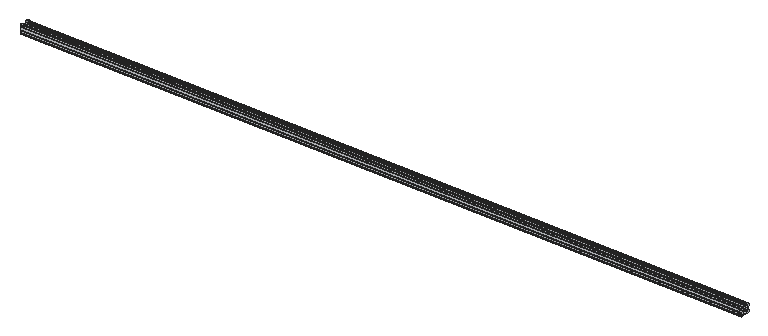
Revit family "Montageschiene 35- 35-1,0 fbv 3m Langloch 2D", category HLS-Bauteile, Revit 2023
Family settings
  Bemaßung runder Anschluss = Durchmesser verwenden
  Teiletyp = Normal
  Arbeitsebenenbasiert = Ja
  Immer vertikal = Nein
  Beim Laden mit Abzugskörper schneiden = Nein
  Beschriftungsausrichtung beibehalten = Nein
  Gemeinsam genutzt = Ja
  Raumberechnungspunkt = Nein
Parameters (values of type "Stex 35- 35-1,0 fbv L=3000")
  vpe = "36"
  Widerstandsmoment Wz = "1.26 cm³"
  Widerstandsmoment Wy = "1.04 cm³"
  Default Elevation = 1219.2 mm
  Trägheitsradius iz = "1.46 cm"
  Trägheitsradius iy = "1.34 cm"
  Torsionswiderstandsmoment Wt = " cm³"
  Stärke = 1 mm
  Streckgrenze = "250 N/mm²"
  Schwerpunktabstand ez = "1.75 cm"
  Schwerpunktabstand eu = "1.78 cm"
  Schwerpunktabstand eo = "1.72 cm"
  Schlitzbreite = "21 mm"
  Regelhalter [instance] = ""
  Profiltyp = "35/35"
  Profil = "C-Profil"
  Oberflaeche = "feuerbandverzinkt"
  Montagelänge [instance] = 3000 mm
  Mengeneinheit = "m"
  Materialname = "S250"
  Material = "Stahl"
  Länge = 3000 mm
  Lochdurchmesser 2 = 10.5 mm
  Lochdurchmesser 1 = 8.5 mm
  Lochdurchmesser = "8.5 mm"
  Langloch = "8.5 x 15.0 mm"
  Kurztext2 = "35 / 35 / 1 mm L= 3 m fbv"
  Kurztext1 = "Montageschiene C-Profil Stex "
  Höhe = "35 mm"
  Gewicht pro Stück [instance] = (Gewicht * Montagelänge / (1000 mm * 1000 mm)) * 1000 mm  # 3.09 kg
  Gewicht pro Bauteil [instance] = Gewicht pro Stück  # 3.09 kg
  Gewicht = 1.03 kg
  Gesamtlänge [instance] = Montagelänge  # 3000 mm
  Gesamtgewicht [instance] = Gewicht pro Bauteil  # 3.09 kg
  Fläche (schwächster Profilquerschnitt) = 0.000103 m²
  Firma = "MEFA Befestigungs- und Montagesysteme GmbH"
  Fabrikat = "MEFA"
  Erweiterung Langloch = " mm"
  EAN = "4250928424440"
  Bund = "378 m"
  Breite = 35 mm
  Artikelnummer = "1273539"
  Anzahl Langloch [instance] = Montagelänge / 75 mm  # 40
  Abmessung = "35/35/1.0 mm"
Reference planes
  plane 1 "Mitte (Vorne/hinten)": y = 0
  plane 2: z = 0
  plane 3 "Mitte (Links/rechts)": x = 0
  plane 4: x = 3000
Forms (mm)
  Extrusion 1, solid, detail levels fine
    sketch origin (0, 0, 0) x (0, 1, 0) y (0, 0, 1)
      loop
        arc (11.7, 35) -> (10.7, 34) -> (11.7, 33) r 1
        line (11.7, 33) -> (15.2, 33) -> (15.2, 34) -> (16.5, 34) -> (16.5, 25.6)
        arc (16.5, 25.6) -> (16.354, 25.246) -> (16, 25.1) r 0.5
        line (16, 25.1) -> (13.924, 25.1)
        arc (13.924, 25.1) -> (12.846, 24.654) -> (12.4, 23.576) r 1.524
        line (12.4, 23.576) -> (12.4, 11.376)
        arc (12.4, 11.376) -> (12.832, 10.332) -> (13.876, 9.9) r 1.476
        line (13.876, 9.9) -> (16, 9.9)
        arc (16, 9.9) -> (16.354, 9.754) -> (16.5, 9.4) r 0.5
        line (16.5, 9.4) -> (16.5, 1.5)
        arc (16.5, 1.5) -> (16.354, 1.146) -> (16, 1) r 0.5
        line (16, 1) -> (-16, 1)
        arc (-16, 1) -> (-16.354, 1.146) -> (-16.5, 1.5) r 0.5
        line (-16.5, 1.5) -> (-16.5, 9.4)
        arc (-16.5, 9.4) -> (-16.354, 9.754) -> (-16, 9.9) r 0.5
        line (-16, 9.9) -> (-13.876, 9.9)
        arc (-13.876, 9.9) -> (-12.832, 10.332) -> (-12.4, 11.376) r 1.476
        line (-12.4, 11.376) -> (-12.4, 23.576)
        arc (-12.4, 23.576) -> (-12.846, 24.654) -> (-13.924, 25.1) r 1.524
        line (-13.924, 25.1) -> (-16, 25.1)
        arc (-16, 25.1) -> (-16.354, 25.246) -> (-16.5, 25.6) r 0.5
        line (-16.5, 25.6) -> (-16.5, 34) -> (-15.2, 34) -> (-15.2, 33) -> (-11.7, 33)
        arc (-11.7, 33) -> (-10.7, 34) -> (-11.7, 35) r 1
        line (-11.7, 35) -> (-15.993, 35)
        arc (-15.993, 35) -> (-17.059, 34.559) -> (-17.5, 33.493) r 1.507
        line (-17.5, 33.493) -> (-17.5, 25.582)
        arc (-17.5, 25.582) -> (-17.066, 24.534) -> (-16.018, 24.1) r 1.482
        line (-16.018, 24.1) -> (-13.9, 24.1)
        arc (-13.9, 24.1) -> (-13.546, 23.954) -> (-13.4, 23.6) r 0.5
        line (-13.4, 23.6) -> (-13.4, 11.4)
        arc (-13.4, 11.4) -> (-13.546, 11.046) -> (-13.9, 10.9) r 0.5
        line (-13.9, 10.9) -> (-15.991, 10.9)
        arc (-15.991, 10.9) -> (-17.058, 10.458) -> (-17.5, 9.391) r 1.509
        line (-17.5, 9.391) -> (-17.5, 1.521)
        arc (-17.5, 1.521) -> (-17.055, 0.445) -> (-15.979, 0) r 1.521
        line (-15.979, 0) -> (15.979, 0)
        arc (15.979, 0) -> (17.055, 0.445) -> (17.5, 1.521) r 1.521
        line (17.5, 1.521) -> (17.5, 9.391)
        arc (17.5, 9.391) -> (17.058, 10.458) -> (15.991, 10.9) r 1.509
        line (15.991, 10.9) -> (13.9, 10.9)
        arc (13.9, 10.9) -> (13.546, 11.046) -> (13.4, 11.4) r 0.5
        line (13.4, 11.4) -> (13.4, 23.6)
        arc (13.4, 23.6) -> (13.546, 23.954) -> (13.9, 24.1) r 0.5
        line (13.9, 24.1) -> (16.018, 24.1)
        arc (16.018, 24.1) -> (17.066, 24.534) -> (17.5, 25.582) r 1.482
        line (17.5, 25.582) -> (17.5, 33.493)
        arc (17.5, 33.493) -> (17.059, 34.559) -> (15.993, 35) r 1.507
        line (15.993, 35) -> (11.7, 35)
    from 0 to 3000
  Extrusion 2, solid, detail levels medium
    sketch origin (0, 0, 0) x (0, 1, 0) y (0, 0, 1)
      loop
        line (10.7, 35) -> (10.7, 33) -> (16.5, 33) -> (16.5, 1) -> (-16.5, 1) -> (-16.5, 33) -> (-10.7, 33) -> (-10.7, 35) -> (-17.5, 35) -> (-17.5, 0) -> (17.5, 0) -> (17.5, 35) -> (10.7, 35)
    from 0 to 3000
  Extrusion 3, solid, detail levels coarse
    sketch origin (0, 0, 0) x (0, 1, 0) y (0, 0, 1)
      loop
        line (-17.5, 35) -> (-17.5, 0) -> (17.5, 0) -> (17.5, 35) -> (-17.5, 35)
    from 0 to 3000
Dimensions and locks
  "Montagelänge": plane 4 to plane 3 "Mitte (Links/rechts)"
  equal spacing: group 1, group 2, group 3, group 4, group 5, group 6, group 7, group 8, group 9, group 10, group 11, group 12, group 13, group 14, group 15, group 16, group 17, group 18, group 19, group 20, group 21, group 22, group 23, group 24, group 25, group 26, group 27, group 28, group 29, group 30, group 31, group 32, group 33, group 34, group 35, group 36, group 37, group 38, group 39, group 40  (x3)
  aligned and locked: level to plane 2
  aligned and locked: plane 4 to Extrusion 1
  aligned and locked: plane 4 to Extrusion 3
  aligned and locked: plane 4 to Extrusion 2
  aligned and locked: nested 1 to plane 1 "Mitte (Vorne/hinten)"
Automatic sketch dimensions
  Extrusion 1 sketch curve to level = 0 mm
  plane 1 "Mitte (Vorne/hinten)" to Extrusion 1 sketch curve = 17.5 mm  (x2)
  level to Extrusion 1 sketch curve = 1.521 mm  (x2)
  Extrusion 1 sketch curve to Extrusion 1 sketch curve = 1 mm  (x5)
  Extrusion 1 sketch curve to Extrusion 1 sketch curve = 0.482 mm
  Extrusion 1 sketch curve to Extrusion 1 sketch curve = 0.021 mm  (x2)
  Extrusion 1 sketch curve to Extrusion 1 sketch curve = 0.5 mm  (x3)
  Extrusion 1 sketch curve to Extrusion 1 sketch curve = 0.018 mm  (x2)
  Extrusion 1 sketch curve to Extrusion 1 sketch curve = 0.507 mm  (x4)
  Extrusion 1 sketch curve to Extrusion 1 sketch curve = 0.009 mm  (x4)
  Extrusion 1 sketch curve to Extrusion 1 sketch curve = 0.793 mm  (x2)
  Extrusion 1 sketch curve to Extrusion 1 sketch curve = 2.095 mm
  Extrusion 1 sketch curve to Extrusion 1 sketch curve = 2.091 mm
  Extrusion 1 sketch curve to Extrusion 1 sketch curve = 0.024 mm  (x6)
  Extrusion 1 sketch curve to Extrusion 1 sketch curve = 0.476 mm  (x2)
  Extrusion 1 sketch curve to Extrusion 1 sketch curve = 3.5 mm  (x2)
  Extrusion 1 sketch curve to plane 1 "Mitte (Vorne/hinten)" = 11.7 mm
  Extrusion 1 sketch curve to Extrusion 1 sketch curve = 0.7 mm
  Extrusion 1 sketch curve to Extrusion 1 sketch curve = 2.103 mm
  Extrusion 1 sketch curve to Extrusion 1 sketch curve = 1.509 mm
  Extrusion 1 sketch curve to Extrusion 1 sketch curve = 2.076 mm
  Extrusion 1 sketch curve to Extrusion 1 sketch curve = 0.521 mm
  Extrusion 1 sketch curve to Extrusion 1 sketch curve = 7.87 mm  (x2)
  Extrusion 1 sketch curve to Extrusion 1 sketch curve = 12.176 mm  (x2)
  Extrusion 1 sketch curve to Extrusion 1 sketch curve = 7.4 mm  (x2)
  Extrusion 1 sketch curve to Extrusion 1 sketch curve = 0.493 mm  (x2)
  Extrusion 1 sketch curve to Extrusion 1 sketch curve = 0 mm
  Extrusion 2 sketch curve to level = 0 mm
  Extrusion 2 sketch curve to plane 1 "Mitte (Vorne/hinten)" = 10.7 mm
  Extrusion 2 sketch curve to Extrusion 2 sketch curve = 5.8 mm
  Extrusion 2 sketch curve to Extrusion 2 sketch curve = 1 mm  (x3)
  Extrusion 2 sketch curve to Extrusion 2 sketch curve = 2 mm  (x2)
  Extrusion 2 sketch curve to Extrusion 2 sketch curve = 6.8 mm
  Extrusion 2 sketch curve to Extrusion 2 sketch curve = 32 mm
  Extrusion 2 sketch curve to Extrusion 2 sketch curve = 0 mm
  plane 1 "Mitte (Vorne/hinten)" to Extrusion 2 sketch curve = 16.5 mm
  Extrusion 3 sketch curve to level = 0 mm
  plane 1 "Mitte (Vorne/hinten)" to Extrusion 3 sketch curve = 17.5 mm
  Extrusion 3 sketch curve to plane 1 "Mitte (Vorne/hinten)" = 17.5 mm
  Extrusion 3 sketch curve to Extrusion 3 sketch curve = 35 mm
Nested families
  nested 1: "Lochung Stex 35 2D" at (37.5, 0, 0) x (1, 0, 0) z (0, 0, -1), type "Lochung Stex 35 2D", detail levels fine
  nested 2: "Lochung Stex 35 2D" at (112.5, 0, 0) x (1, 0, 0) z (0, 0, -1), type "Lochung Stex 35 2D", detail levels fine
  nested 3: "Lochung Stex 35 2D" at (187.5, 0, 0) x (1, 0, 0) z (0, 0, -1), type "Lochung Stex 35 2D", detail levels fine
  nested 4: "Lochung Stex 35 2D" at (262.5, 0, 0) x (1, 0, 0) z (0, 0, -1), type "Lochung Stex 35 2D", detail levels fine
  nested 5: "Lochung Stex 35 2D" at (337.5, 0, 0) x (1, 0, 0) z (0, 0, -1), type "Lochung Stex 35 2D", detail levels fine
  nested 6: "Lochung Stex 35 2D" at (412.5, 0, 0) x (1, 0, 0) z (0, 0, -1), type "Lochung Stex 35 2D", detail levels fine
  nested 7: "Lochung Stex 35 2D" at (487.5, 0, 0) x (1, 0, 0) z (0, 0, -1), type "Lochung Stex 35 2D", detail levels fine
  nested 8: "Lochung Stex 35 2D" at (562.5, 0, 0) x (1, 0, 0) z (0, 0, -1), type "Lochung Stex 35 2D", detail levels fine
  nested 9: "Lochung Stex 35 2D" at (637.5, 0, 0) x (1, 0, 0) z (0, 0, -1), type "Lochung Stex 35 2D", detail levels fine
  nested 10: "Lochung Stex 35 2D" at (712.5, 0, 0) x (1, 0, 0) z (0, 0, -1), type "Lochung Stex 35 2D", detail levels fine
  nested 11: "Lochung Stex 35 2D" at (787.5, 0, 0) x (1, 0, 0) z (0, 0, -1), type "Lochung Stex 35 2D", detail levels fine
  nested 12: "Lochung Stex 35 2D" at (862.5, 0, 0) x (1, 0, 0) z (0, 0, -1), type "Lochung Stex 35 2D", detail levels fine
  nested 13: "Lochung Stex 35 2D" at (937.5, 0, 0) x (1, 0, 0) z (0, 0, -1), type "Lochung Stex 35 2D", detail levels fine
  nested 14: "Lochung Stex 35 2D" at (1012.5, 0, 0) x (1, 0, 0) z (0, 0, -1), type "Lochung Stex 35 2D", detail levels fine
  nested 15: "Lochung Stex 35 2D" at (1087.5, 0, 0) x (1, 0, 0) z (0, 0, -1), type "Lochung Stex 35 2D", detail levels fine
  nested 16: "Lochung Stex 35 2D" at (1162.5, 0, 0) x (1, 0, 0) z (0, 0, -1), type "Lochung Stex 35 2D", detail levels fine
  nested 17: "Lochung Stex 35 2D" at (1237.5, 0, 0) x (1, 0, 0) z (0, 0, -1), type "Lochung Stex 35 2D", detail levels fine
  nested 18: "Lochung Stex 35 2D" at (1312.5, 0, 0) x (1, 0, 0) z (0, 0, -1), type "Lochung Stex 35 2D", detail levels fine
  nested 19: "Lochung Stex 35 2D" at (1387.5, 0, 0) x (1, 0, 0) z (0, 0, -1), type "Lochung Stex 35 2D", detail levels fine
  nested 20: "Lochung Stex 35 2D" at (1462.5, 0, 0) x (1, 0, 0) z (0, 0, -1), type "Lochung Stex 35 2D", detail levels fine
  nested 21: "Lochung Stex 35 2D" at (1537.5, 0, 0) x (1, 0, 0) z (0, 0, -1), type "Lochung Stex 35 2D", detail levels fine
  nested 22: "Lochung Stex 35 2D" at (1612.5, 0, 0) x (1, 0, 0) z (0, 0, -1), type "Lochung Stex 35 2D", detail levels fine
  nested 23: "Lochung Stex 35 2D" at (1687.5, 0, 0) x (1, 0, 0) z (0, 0, -1), type "Lochung Stex 35 2D", detail levels fine
  nested 24: "Lochung Stex 35 2D" at (1762.5, 0, 0) x (1, 0, 0) z (0, 0, -1), type "Lochung Stex 35 2D", detail levels fine
  nested 25: "Lochung Stex 35 2D" at (1837.5, 0, 0) x (1, 0, 0) z (0, 0, -1), type "Lochung Stex 35 2D", detail levels fine
  nested 26: "Lochung Stex 35 2D" at (1912.5, 0, 0) x (1, 0, 0) z (0, 0, -1), type "Lochung Stex 35 2D", detail levels fine
  nested 27: "Lochung Stex 35 2D" at (1987.5, 0, 0) x (1, 0, 0) z (0, 0, -1), type "Lochung Stex 35 2D", detail levels fine
  nested 28: "Lochung Stex 35 2D" at (2062.5, 0, 0) x (1, 0, 0) z (0, 0, -1), type "Lochung Stex 35 2D", detail levels fine
  nested 29: "Lochung Stex 35 2D" at (2137.5, 0, 0) x (1, 0, 0) z (0, 0, -1), type "Lochung Stex 35 2D", detail levels fine
  nested 30: "Lochung Stex 35 2D" at (2212.5, 0, 0) x (1, 0, 0) z (0, 0, -1), type "Lochung Stex 35 2D", detail levels fine
  nested 31: "Lochung Stex 35 2D" at (2287.5, 0, 0) x (1, 0, 0) z (0, 0, -1), type "Lochung Stex 35 2D", detail levels fine
  nested 32: "Lochung Stex 35 2D" at (2362.5, 0, 0) x (1, 0, 0) z (0, 0, -1), type "Lochung Stex 35 2D", detail levels fine
  nested 33: "Lochung Stex 35 2D" at (2437.5, 0, 0) x (1, 0, 0) z (0, 0, -1), type "Lochung Stex 35 2D", detail levels fine
  nested 34: "Lochung Stex 35 2D" at (2512.5, 0, 0) x (1, 0, 0) z (0, 0, -1), type "Lochung Stex 35 2D", detail levels fine
  nested 35: "Lochung Stex 35 2D" at (2587.5, 0, 0) x (1, 0, 0) z (0, 0, -1), type "Lochung Stex 35 2D", detail levels fine
  nested 36: "Lochung Stex 35 2D" at (2662.5, 0, 0) x (1, 0, 0) z (0, 0, -1), type "Lochung Stex 35 2D", detail levels fine
  nested 37: "Lochung Stex 35 2D" at (2737.5, 0, 0) x (1, 0, 0) z (0, 0, -1), type "Lochung Stex 35 2D", detail levels fine
  nested 38: "Lochung Stex 35 2D" at (2812.5, 0, 0) x (1, 0, 0) z (0, 0, -1), type "Lochung Stex 35 2D", detail levels fine
  nested 39: "Lochung Stex 35 2D" at (2887.5, 0, 0) x (1, 0, 0) z (0, 0, -1), type "Lochung Stex 35 2D", detail levels fine
  nested 40: "Lochung Stex 35 2D" at (2962.5, 0, 0) x (1, 0, 0) z (0, 0, -1), type "Lochung Stex 35 2D", detail levels fine
Definition of nested family "Lochung Stex 35 2D"
  Parameters (values of type "Lochung Stex 35 2D")
    Default Elevation = 1219.2 mm
  Reference planes
    plane 1 "Mitte (Vorne/hinten)": y = 0
    plane 2: z = 0
    plane 3 "Mitte (Links/rechts)": x = 0
  Forms (mm)
    Extrusion 1, solid
      sketch origin (0, 0, 0) x (1, 0, 0) y (0, 1, 0)
        loop
          line (-1219.2, 1219.2) -> (-1219.2, -1219.2) -> (1219.2, -1219.2) -> (1219.2, 1219.2) -> (-1219.2, 1219.2)
      from 0 to -304.8
  Lines and regions (mm)
    model lines, detail levels fine
      curve 1: line (-37.5, 0, 0) -> (37.5, 0, 0)
      curve 2: line (0, 5, 0) -> (0, -5, 0)
      curve 3: line (0, 0, 10) -> (0, 0, -10)
      curve 10: line (-25, 5, 0) -> (-25, -5, 0)
    model lines
      curve 4: circle (-25, 0, 0) r 4.25 normal (0, 0, 1)
      curve 5: circle (25, 0, 0) r 5.25 normal (0, 0, 1)
      curve 6: arc (-3.25, 4.25, 0) -> (-7.5, 0, 0) -> (-3.25, -4.25, 0) r 4.25
      curve 7: line (-3.25, 4.25, 0) -> (3.25, 4.25, 0)
      curve 8: line (3.25, -4.25, 0) -> (-3.25, -4.25, 0)
      curve 9: arc (3.25, 4.25, 0) -> (7.5, 0, 0) -> (3.25, -4.25, 0) r 4.25
      curve 11: line (25, 6.25, 0) -> (25, -6.25, 0)
  Dimensions and locks
    aligned and locked: plane 2 to Extrusion 1
    aligned and locked: level to Extrusion 1
